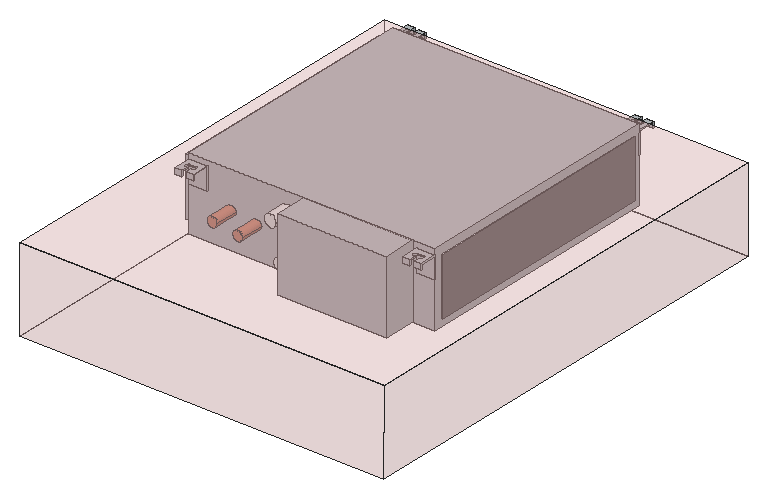
Revit family "PEFY-WP20VMS1-E_Service_Area3", category Mechanical Equipment, host Ceiling, Revit 2012
Parameters (values of type "PEFY-WP20VMS1-E_240V_60Hz")
  Description = "Ceiling concealed"
  Manufacturer = "Mitsubishi Electric Corporation"
  Model = "PEFY-WP20VMS1-E"
  Width = 790 mm
  Water Pipe_radius (To HBC Unit) = 13.2 mm
  Water Pipe_radius (From HBC Unit) = 13.2 mm
  WarrantyStart = ""
  Voltage = 240 V
  Unit Weight (kg) = 20
  URL = "http://www.mitsubishielectric.com/"
  TagNumber = 0
  Subcategory = "HVAC"
  Space View = yes
  Sound Pressure Level_Mid (dB(A)) = 25
  Sound Pressure Level_Low (dB(A)) = 23
  Sound Pressure Level_High (dB(A)) = 29
  SerialNumber = 0
  ReplacementYear = ""
  Protection Device = "Fuse"
  Phase = 1
  Maximum Circuit Ampacity (A) = 0.7
  InstallationDate = ""
  Hertz = 60 Hz
  Height = 200 mm
  Heating Power Input (kW) = 0.031
  Heating Current (A) = 0.38
  Heating Capacity (kW) = 2.5
  Fan_Type = "Sirocco fan"
  Fan_Quantity = 2
  Fan Motor Output (kW) = 0.096
  External_static_pressure (Pa) = "5-15-35-50"
  External Finish = "Galvanized steel plate"
  Equip_description = ""
  Equip_No. = 0
  Equip_ID = ""
  Drain pipe2_radius = 16 mm
  Drain pipe1_radius = 16 mm
  Description = ""
  Depth = 700 mm
  CreatedOn = ""
  CreatedBy = ""
  Cooling Power Input (kW) = 0.051
  Cooling Current (A) = 0.49
  Cooling Capacity (kW) = 2.2
  Category = ""
  Barcode = ""
  AssetIdentifier = ""
  Airflow Rate_Mid (m3/min) = 6.5
  Airflow Rate_Mid (m3/h) = 390
  Airflow Rate_Low (m3/min) = 5.5
  Airflow Rate_Low (m3/h) = 330
  Airflow Rate_High (m3/min) = 8
  Airflow Rate_High (m3/h) = 480
Types (6, lengths in mm): name | Voltage | Hertz
  PEFY-WP20VMS1-E_220V_50Hz | 220 V | 50 Hz
  PEFY-WP20VMS1-E_220V_60Hz | 220 V | 60 Hz
  PEFY-WP20VMS1-E_230V_50Hz | 230 V | 50 Hz
  PEFY-WP20VMS1-E_230V_60Hz | 230 V | 60 Hz
  PEFY-WP20VMS1-E_240V_50Hz | 240 V | 50 Hz
  PEFY-WP20VMS1-E_240V_60Hz | 240 V | 60 Hz
Reference planes
  plane 1 "Center (Front/Back)": y = 0
  plane 2: z = 0
  plane 3 "Center (Left/Right)": x = 0
  plane 4 "Ceiling": z = 4030
  plane 5: z = 4050
  plane 6: z = 4250
  plane 7: y = -875
  plane 8: y = -350
  plane 9: y = 350
  plane 10: y = 350
  plane 11: z = 4235
  plane 12: x = 325
  plane 13: x = 350
  plane 14: x = -300
  plane 15: x = -350
  plane 16: z = 4230
  plane 17: x = -57
  plane 18: z = 4202
  plane 19: z = 4080
  plane 20: x = -211
  plane 21: x = -141
  plane 22: z = 4148
  plane 23: z = 4138
  plane 24: y = -440
Forms (mm)
  Extrusion 1, solid, material "Plated steel"
    sketch origin (88.259, -337.375, 3750) x (1, 0, 0) y (0, 1, 0)
      loop
        line (-415.259, 687.375) -> (-415.259, -12.625) -> (261.741, -12.625) -> (261.741, 687.375) -> (-415.259, 687.375)
    from 300 to 500
  Extrusion 2, solid, material "Service space", visible <- "Space View"
    sketch origin (-2000, 6000, 4050) x (0, 1, 0) y (1, 0, 0)
      loop
        line (-6900, 1650) -> (-5650, 1650) -> (-5650, 2650) -> (-6900, 2650) -> (-6900, 1650)
    from 20 to -210
  Extrusion 3, solid
    sketch origin (0, 0, 0) x (0, 1, 0) y (0, 0, 1)
      loop
        line (-330, 4230) -> (-330, 4071) -> (330, 4071) -> (330, 4230) -> (-330, 4230)
    from 350 to 355
  Extrusion 4, solid
    sketch origin (-350, 0, 4250) x (0, 0, 1) y (0, -1, 0)
      loop
        line (-20, 330) -> (-179, 330) -> (-179, -330) -> (-20, -330) -> (-20, 330)
    from 0 to 23
  Extrusion 5, solid
    sketch origin (794.259, -350, 3750) x (-1, 0, 0) y (0, 0, -1)
      loop
        circle (851.259, -452) r 16
    from 0 to 57
  Extrusion 6, solid
    sketch origin (794.259, -350, 3750) x (-1, 0, 0) y (0, 0, -1)
      loop
        circle (851.259, -330) r 16
    from 0 to 25
  Extrusion 7, solid
    sketch origin (794.259, -350, 3750) x (-1, 0, 0) y (0, 0, -1)
      loop
        line (505.751, -500) -> (805.751, -500) -> (805.751, -300) -> (505.751, -300) -> (505.751, -500)
    from 0 to 90
  Extrusion 8, solid
    sketch origin (794.259, -350, 3750) x (-1, 0, 0) y (0, 0, -1)
      loop
        circle (1005.259, -398) r 13.2
      loop
        circle (935.259, -388) r 13.2
    from 0 to 64
Lines and regions (mm)
  model lines, visible <- "Space View"
    curve 1: line (-400, 400, 4030) -> (377, 400, 4030)
    curve 2: line (-400, -900, 4030) -> (-400, 400, 4030)
    curve 3: line (377, -900, 4030) -> (-400, -900, 4030)
    curve 4: line (377, 400, 4030) -> (377, -900, 4030)
Dimensions and locks
  equal spacing: host sketch curve, plane 3 "Center (Left/Right)", host sketch curve
  equal spacing: host sketch curve, plane 1 "Center (Front/Back)", host sketch curve
  host sketch curve to host sketch curve = 4000 mm  (x2)
  locked: plane 4 "Ceiling" to host ceiling at 0
  Extrusion 1 to Extrusion 1 = 700 mm
  Extrusion 1 to plane 1 "Center (Front/Back)" = 350 mm
  plane 5 to Extrusion 1 = 200 mm
  plane 6 to plane 5 = 200 mm
  Extrusion 1 to plane 7 = 525 mm
  plane 4 "Ceiling" to plane 5 = 20 mm
  Extrusion 1 to Extrusion 1 = 677 mm
  plane 8 to plane 10 = 700 mm
  locked: plane 11 to plane 6 at 15
  locked: plane 16 to plane 6 at 20
  locked: Extrusion 3 to plane 16 at 159
  locked: Extrusion 4 to plane 16 at 159
  plane 6 to plane 18 to plane 19 = 48 mm locked, 122 mm locked
  locked: Extrusion 7 to Extrusion 7 at 200
  plane 6 to plane 22 to plane 23 = 102 mm locked, 10 mm locked
  plane 15 to curve 4 = 727 mm
  aligned and locked: plane 5 to Extrusion 1
  aligned and locked: Extrusion 1 to plane 6
  aligned and locked: plane 8 to Extrusion 1
  aligned and locked: plane 10 to Extrusion 1
  aligned and locked: nested 1 to Extrusion 1
  aligned and locked: nested 1 to plane 14
  aligned and locked: nested 1 to plane 11
  aligned and locked: nested 2 to plane 11
  aligned and locked: plane 11 to nested 4
  aligned and locked: plane 11 to nested 3
  aligned and locked: nested 4 to plane 10
  aligned and locked: nested 3 to plane 10
  aligned and locked: Extrusion 3 to plane 16
  aligned and locked: Extrusion 4 to plane 16
  aligned and locked: plane 8 to nested 2
  aligned and locked: plane 18 to Extrusion 5
  aligned and locked: plane 19 to Extrusion 6
  aligned and locked: Extrusion 7 to plane 6
  aligned and locked: plane 22 to Extrusion 8
  aligned and locked: plane 23 to Extrusion 8
Nested families
  nested 1: "LEG" at (-300, -376, 4235), type "LEG_28"
  nested 2: "LEG" at (325, -376, 4235), type "LEG_28"
  nested 3: "LEG" at (-300, 376, 4235), type "LEG_28"
  nested 4: "LEG" at (325, 376, 4235), type "LEG_28"
Connectors
  piping at (-57, -407, 4202), driven by "Drain pipe1_radius"
    settings: on Extrusion 5, index 1, connector radius 16 mm, flow factor 0, pipe flow 0.0 L/s, pressure drop 0.0 Pa, fitting loss kfactor 0, connector angle 0.00°, fixture units 0, engagement length 0 mm, flow configuration 0, flow direction 2, fitting loss method 0, system type 22, joint type 0, gender type 0, connector reference index -1, connector utility 0, adjustable connector no, is connector primary yes, fitting loss table "", connector description "Drain hose"
  piping at (-57, -375, 4080), driven by "Drain pipe1_radius"
    settings: on Extrusion 6, index 2, connector radius 16 mm, flow factor 0, pipe flow 0.0 L/s, pressure drop 0.0 Pa, fitting loss kfactor 0, connector angle 0.00°, fixture units 0, engagement length 0 mm, flow configuration 0, flow direction 2, fitting loss method 0, system type 22, joint type 0, gender type 0, connector reference index -1, connector utility 0, adjustable connector no, is connector primary no, fitting loss table "", connector description "Drain hose"
  piping at (-141, -414, 4138)
    settings: on Extrusion 8, index 3, connector radius 13.2 mm, flow factor 0, pipe flow 0.0 L/s, pressure drop 0.0 Pa, fitting loss kfactor 0, connector angle 0.00°, fixture units 0, engagement length 0 mm, flow configuration 0, flow direction 1, fitting loss method 0, system type 22, joint type 0, gender type 0, connector reference index -1, connector utility 0, adjustable connector no, is connector primary no, fitting loss table "", connector description "Water pipe(From HBC unit)"
  piping at (-211, -414, 4148)
    settings: on Extrusion 8, index 4, connector radius 13.2 mm, flow factor 0, pipe flow 0.0 L/s, pressure drop 0.0 Pa, fitting loss kfactor 0, connector angle 0.00°, fixture units 0, engagement length 0 mm, flow configuration 0, flow direction 2, fitting loss method 0, system type 22, joint type 0, gender type 0, connector reference index -1, connector utility 0, adjustable connector no, is connector primary no, fitting loss table "", connector description "Water pipe(To HBC unit)"
  hvac at (355, 0, 4150.5)
    settings: on Extrusion 3, index 5, duct flow 0.0 L/s, flow factor 0, pres drop 0.0 Pa, loss coef 0, conn angle 0.00°, conn width 660 mm, conn height 160 mm, conn radius 304.8 mm, duct sys type 1, conn prof type 1, flow config 0, flow direction 1, loss method 0, conn ref index -1, conn util no, is conn primary yes, conn desc "Air inlet"
  hvac at (-350, 0, 4150.5)
    settings: on Extrusion 4, index 6, duct flow 0.0 L/s, flow factor 0, pres drop 0.0 Pa, loss coef 0, conn angle 0.00°, conn width 660 mm, conn height 150 mm, conn radius 304.8 mm, duct sys type 3, conn prof type 1, flow config 0, flow direction 2, loss method 0, conn ref index -1, conn util no, is conn primary no, conn desc "Air outlet"
  electrical at (288.508, -395, 4150), driven by "Phase", driven by "Voltage"
    settings: on Extrusion 7, index 7, voltage 240 V, apparent load 0 VA, apparent load phase1 0 VA, apparent load phase2 0 VA, apparent load phase3 0 VA, power factor 1, load classification "Other", number of poles 1, system type 30, power factor state 1, is connector primary yes, connector utility no, sub classification motor no, connector description ""
Definition of nested family "LEG"
  Parameters (values of type "LEG_28")
    product distance = 28 mm
  Reference planes
    plane 1 "中心(正面/背面)": y = 0
    plane 2: z = 0
    plane 3 "中心(左/右)": x = 0
    plane 4: x = -25
    plane 5: x = 25
    plane 6: y = -23
    plane 7: y = 28
    plane 8: x = -8
    plane 9: x = 8
    plane 10: x = -6
    plane 11: x = 6
  Forms (mm)
    Extrusion 1, solid, material "Plated steel"
      sketch origin (0, 0, 0) x (1, 0, 0) y (0, 1, 0)
        loop
          line (-25, 26) -> (-25, -23) -> (25, -23) -> (25, 26) -> (-25, 26)
      from 0 to -60
    Extrusion 2, void
      sketch origin (0, 0, 0) x (0, 1, 0) y (0, 0, 1)
        loop
          line (-20.7, -2.3) -> (-20.7, -15) -> (-23, -15) -> (-23, -60) -> (24, -60) -> (24, -2.3) -> (-20.7, -2.3)
      from -25 to 25
    Extrusion 3, void
      sketch origin (0, 0, 0) x (1, 0, 0) y (0, 1, 0)
        loop
          arc (-8, 7) -> (-15, 0) -> (-8, -7) r 7
          line (-8, -7) -> (-6, -7) -> (-6, -23) -> (6, -23) -> (6, -7) -> (8, -7)
          arc (8, -7) -> (15, 0) -> (8, 7) r 7
          line (8, 7) -> (-8, 7)
      from 0 to -60
  Cuts and joins
    Extrusion 2, Extrusion 3 cuts Extrusion 1
  Dimensions and locks
    locked: Extrusion 1 sketch curve to Extrusion 1 sketch curve at 50
    equal spacing: Extrusion 1 sketch curve, plane 3 "中心(左/右)", Extrusion 1 sketch curve
    locked: plane 6 to plane 1 "中心(正面/背面)" at 23
    "product distance": plane 1 "中心(正面/背面)" to plane 7
    plane 7 to Extrusion 2 sketch curve = 4 mm
    locked: cut or joined group of Extrusion 1, Extrusion 2, Extrusion 3 to cut or joined group of Extrusion 1, Extrusion 2, Extrusion 3 at 2.3  (x2)
    aligned and locked: level to plane 2
    aligned and locked: Extrusion 2 to Extrusion 1
    aligned and locked: Extrusion 1 to Extrusion 2
    aligned and locked: Extrusion 2 sketch curve to cut or joined group of Extrusion 1, Extrusion 2, Extrusion 3  (x2)
    aligned and locked: cut or joined group of Extrusion 1, Extrusion 2, Extrusion 3 to Extrusion 3 sketch curve
    aligned and locked: plane 6 to Extrusion 1 sketch curve
  Automatic sketch dimensions
    Extrusion 2 sketch curve to plane 6 = 2.3 mm
    Extrusion 2 sketch curve to level = 15 mm
    Extrusion 2 sketch curve to level = 2.3 mm
    plane 1 "中心(正面/背面)" to Extrusion 3 sketch curve = 0 mm  (x2)
    Extrusion 3 sketch curve to plane 8 = 0 mm
    Extrusion 3 sketch curve to plane 10 = 0 mm
    Extrusion 3 sketch curve to plane 11 = 0 mm
    Extrusion 3 sketch curve to plane 9 = 0 mm  (x2)
    plane 1 "中心(正面/背面)" to Extrusion 3 sketch curve = 7 mm
    plane 7 to Extrusion 1 sketch curve = 2 mm
